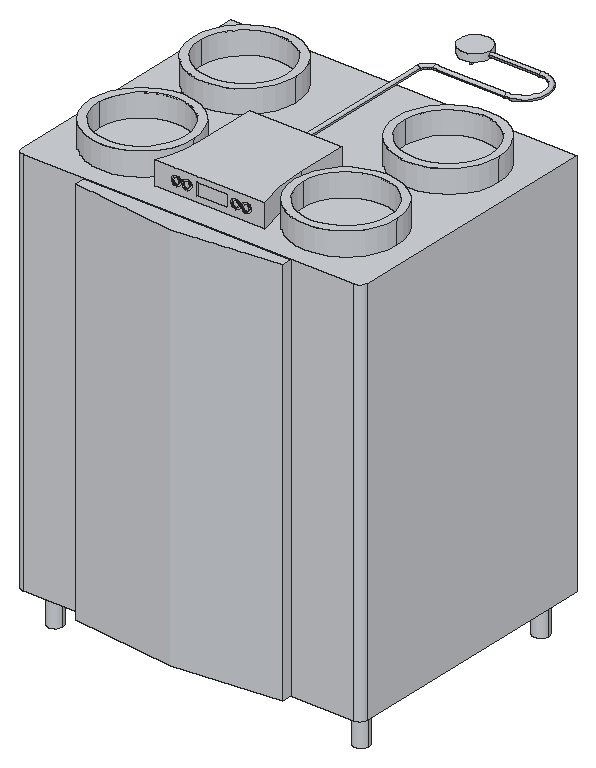
Revit family "LWZ 170 E plus", category Mechanical Equipment, Revit 2019
Family settings
  Round Connector Dimension = Use Diameter
  Part Type = Normal
  OmniClass Number = 23.75.00.00
  OmniClass Title = Climate Control (HVAC)
  Work Plane-Based = No
  Always vertical = Yes
  Cut with Voids When Loaded = No
  Shared = No
  Room Calculation Point = No
Reference planes
  plane 1 "Center (Front/Back)": y = 0
  plane 2: z = 0
  plane 3 "Center (Left/Right)": x = 0
Forms (mm)
  Extrusion 1, solid
    sketch origin (0, 0, 0) x (1, 0, 0) y (0, 1, 0)
      loop
        line (-193.348, 247.483) -> (-193.348, -263.517)
        arc (-193.348, -263.517) -> (-188.955, -274.124) -> (-178.348, -278.517) r 15
        line (-178.348, -278.517) -> (467.652, -278.517)
        arc (467.652, -278.517) -> (478.258, -274.124) -> (482.652, -263.517) r 15
        line (482.652, -263.517) -> (482.652, 247.483) -> (-193.348, 247.483)
    from 0 to 765
  Extrusion 2, solid
    sketch origin (0, 0, 0) x (1, 0, 0) y (0, 1, 0)
      loop
        line (-60, -278.517) -> (-60, -298.517)
        arc (-60, -298.517) -> (142.5, -319.151) -> (345, -298.517) r 1003.973
        line (345, -298.517) -> (345, -278.517) -> (-60, -278.517)
    from 0 to 765
  Extrusion 3, solid
    sketch origin (0, 0, 0) x (1, 0, 0) y (0, 1, 0)
      loop
        circle (-56.359, 108.982) r 100
      loop
        circle (-56.359, 108.982) r 85
      loop
        circle (342.356, 108.982) r 100
      loop
        circle (342.356, 108.982) r 85
      loop
        circle (-56.508, -141.075) r 100
      loop
        circle (-56.508, -141.075) r 85
      loop
        circle (342.207, -141.075) r 100
      loop
        circle (342.207, -141.075) r 85
    from 765 to 810.034
  Extrusion 4, solid
    sketch origin (0, 0, 0) x (1, 0, 0) y (0, 1, 0)
      loop
        line (55.346, -18.399) -> (55.346, -143.399)
        arc (55.346, -143.399) -> (50.75, -186.387) -> (37.169, -227.432) r 203.333
        line (37.169, -227.432) -> (252.169, -227.432)
        arc (252.169, -227.432) -> (239.577, -173.561) -> (235.346, -118.399) r 361.735
        line (235.346, -118.399) -> (235.346, -18.399) -> (55.346, -18.399)
    from 765 to 810.034
  Extrusion 5, void
    sketch origin (0, 0, 0) x (1, 0, 0) y (0, 0, 1)
      loop
        circle (80.251, 788.11) r 10
      loop
        circle (80.251, 788.11) r 5
      loop
        circle (100.868, 788.601) r 10
      loop
        circle (100.868, 788.601) r 5
      loop
        circle (196.501, 788.11) r 10
      loop
        circle (196.501, 788.11) r 5
      loop
        circle (217.118, 788.601) r 10
      loop
        circle (217.118, 788.601) r 5
      loop
        line (119.496, 774.765) -> (179.164, 774.765) -> (179.164, 800.034) -> (119.496, 800.034) -> (119.496, 774.765)
    from 226.193 to 233.12
  Extrusion 6, solid
    sketch origin (-3.75, 48.75, 0) x (1, 0, 0) y (0, 1, 0)
      loop
        line (204.398, 28.758) -> (180.751, 12.2) -> (183.267, -16.558) -> (209.43, -28.758) -> (233.077, -12.2) -> (230.561, 16.558) -> (204.398, 28.758)
    from -26.461 to -11.392
  Extrusion 7, solid
    sketch origin (0, 0, 0) x (1, 0, 0) y (0, 1, 0)
      loop
        circle (202.652, 49.483) r 15
    from -69.606 to 0
  Extrusion 8, solid
    sketch origin (-357.373, 159.417, 0) x (1, 0, 0) y (0, 1, 0)
      loop
        circle (202.652, 49.483) r 15
    from -69.606 to 0
  Extrusion 9, solid
    sketch origin (646.677, 159.417, 0) x (-1, 0, 0) y (0, -1, 0)
      loop
        circle (202.652, -49.483) r 15
    from -69.606 to 0
  Extrusion 10, solid
    sketch origin (-357.373, -280.583, 0) x (1, 0, 0) y (0, 1, 0)
      loop
        circle (202.652, 49.483) r 15
    from -69.606 to 0
  Extrusion 11, solid
    sketch origin (646.677, -280.583, 0) x (-1, 0, 0) y (0, -1, 0)
      loop
        circle (202.652, -49.483) r 15
    from -69.606 to 0
  Sweep 12, solid
    path origin (0, 0, 0) x (1, 0, 0) y (0, 1, 0)
      loop
        line (145.346, -18.399) -> (145.346, 281.056)
        arc (145.346, 281.056) -> (150.919, 294.509) -> (164.372, 300.081) r 19.026
        line (164.372, 300.081) -> (304.372, 300.081)
        arc (304.372, 300.081) -> (346.872, 342.581) -> (304.372, 385.081) r 42.5
        line (304.372, 385.081) -> (174.372, 385.081)
    profile origin (145.346, 131.328, 0) x (-1, 0, 0) y (0, 0, 1)
      loop
        circle (0, 785) r 4
  Extrusion 13, solid
    sketch origin (0, 0, 0) x (1, 0, 0) y (0, 1, 0)
      loop
        circle (174.372, 385.081) r 30
    from 777.923 to 791.392
  Extrusion 14, solid
    sketch origin (0, 0, 0) x (1, 0, 0) y (0, 1, 0)
      loop
        circle (156.093, 384.881) r 2
      loop
        circle (177.185, 399.461) r 2
      loop
        circle (177.326, 371.574) r 2
    from 765 to 777.923
Cuts and joins
  Extrusion 5 cuts Extrusion 4
Dimensions and locks
  aligned and locked: level to plane 2
Connectors
  hvac at (-56.359, 108.982, 810.034)
    settings: on Extrusion 3, index 1, duct flow 0 CFM, flow factor 0, pres drop 0.00 in-wg, loss coef 0, conn angle 0.00°, conn width 12", conn height 12", conn diameter 6.69291", duct sys type 29, conn prof type 0, flow config 0, flow direction 0, loss method 0, conn ref index -1, conn util no, is conn primary yes, conn desc ""
  hvac at (342.356, 108.982, 810.034)
    settings: on Extrusion 3, index 2, duct flow 0 CFM, flow factor 0, pres drop 0.00 in-wg, loss coef 0, conn angle 0.00°, conn width 12", conn height 12", conn diameter 6.69291", duct sys type 3, conn prof type 0, flow config 0, flow direction 0, loss method 0, conn ref index -1, conn util no, is conn primary no, conn desc ""
  hvac at (342.207, -141.075, 810.034)
    settings: on Extrusion 3, index 3, duct flow 0 CFM, flow factor 0, pres drop 0.00 in-wg, loss coef 0, conn angle 0.00°, conn width 12", conn height 12", conn diameter 6.69291", duct sys type 29, conn prof type 0, flow config 0, flow direction 0, loss method 0, conn ref index -1, conn util no, is conn primary no, conn desc ""
  hvac at (-56.508, -141.075, 810.034)
    settings: on Extrusion 3, index 4, duct flow 0 CFM, flow factor 0, pres drop 0.00 in-wg, loss coef 0, conn angle 0.00°, conn width 12", conn height 12", conn diameter 6.69291", duct sys type 1, conn prof type 0, flow config 0, flow direction 0, loss method 0, conn ref index -1, conn util no, is conn primary no, conn desc ""
